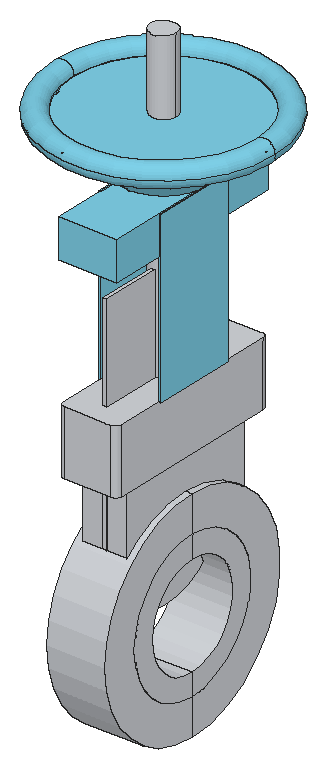
Revit family "6701", category Pipe Accessories, Revit 2018
Family settings
  Round Connector Dimension = Use Diameter
  Part Type = Valve - Breaks Into
  Work Plane-Based = No
  Always vertical = Yes
  Cut with Voids When Loaded = No
  Shared = No
Parameters (values of type "6701 Knife Gate Valve")
  pipe radius [instance] = Pipe Diameter / 2  # 1.750"
  pad fillet [instance] = 0.205"  # constant formula
  fillet1 [instance] = 0.074"  # constant formula
  center of handle [instance] = H8 - HND1  # 15.170"
  Weight [instance] = size_lookup(LookupTable, "Weight", "NA", Nominal Diameter)  # "20 lbs."
  WH1 [instance] = size_lookup(LookupTable, "WH1", 0.000", Nominal Diameter)  # 10.50075"
  WD1 [instance] = size_lookup(LookupTable, "WD1", 0.000", Nominal Diameter)  # 6.500"
  W5 [instance] = size_lookup(LookupTable, "W5", 0.000", Nominal Diameter)  # 6.500"
  W4 [instance] = size_lookup(LookupTable, "W4", 0.000", Nominal Diameter)  # 2.875"
  W3 [instance] = R2 * 2  # 5.000"
  URL = "http://www.fnw.com"
  Standards Lookup Table = "Standards"  # constant formula
  R2 [instance] = size_lookup(LookupTable, "R2", 0.000", Nominal Diameter)  # 2.500"
  R1 [instance] = size_lookup(LookupTable, "R1", 0.000", Nominal Diameter)  # 3.750"
  Product ID [instance] = size_lookup(LookupTable, "ProductID", "NA", Nominal Diameter)  # "0"
  Pipe Diameter [instance] = size_lookup(Standards Lookup Table, "pipe_dia", 0.000", Nominal Diameter)  # 3.500"
  Part Number [instance] = size_lookup(LookupTable, "PartNumber", "NA", Nominal Diameter)  # "FNW6701M"
  Nominal Diameter [instance] = 3"
  LookupTable = "6701 Knife Gate Valve"  # constant formula
  L1 [instance] = size_lookup(LookupTable, "L1", 0.000", Nominal Diameter)  # 2.000"
  HND1 [instance] = if(Nominal Diameter < 4.000", 0.380", 0.500")  # 0.380"
  H9 [instance] = size_lookup(LookupTable, "H9", 0.000", Nominal Diameter)  # 17.720"
  H8 [instance] = size_lookup(LookupTable, "H8", 0.000", Nominal Diameter)  # 15.550"
  H7 [instance] = size_lookup(LookupTable, "H7", 0.000", Nominal Diameter)  # 13.3625"
  H5 [instance] = size_lookup(LookupTable, "H5", 0.000", Nominal Diameter)  # 12.9875"
  H4 [instance] = size_lookup(LookupTable, "H4", 0.000", Nominal Diameter)  # 11.6675"
  H3 [instance] = size_lookup(LookupTable, "H3", 0.000", Nominal Diameter)  # 7.200"
  H2 [instance] = size_lookup(LookupTable, "H2", 0.000", Nominal Diameter)  # 5.000"
  Description BOM [instance] = size_lookup(LookupTable, "Description_BOM", "NA", Nominal Diameter)  # "3 6701 Knife Gate Valve"
  D9 [instance] = D8 - 0.125"  # 2.000"
  D8 [instance] = D1 + 0.125"  # 2.125"
  D7 [instance] = size_lookup(LookupTable, "D7", 0.000", Nominal Diameter)  # 7.115"
  D6 [instance] = size_lookup(LookupTable, "D6", 0.000", Nominal Diameter)  # 1.4375"
  D4 [instance] = size_lookup(LookupTable, "D4", 0.000", Nominal Diameter)  # 0.875"
  D3 [instance] = size_lookup(LookupTable, "D3", 0.000", Nominal Diameter)  # 1.500"
  D1 [instance] = size_lookup(LookupTable, "D1", 0.000", Nominal Diameter)  # 2.000"
  Braceanlge [instance] = 60.00°  # constant formula
  BRC1 [instance] = 0.500"  # constant formula
  Angle [instance] = 120.00°  # constant formula
Reference planes (in)
  plane 1 "Center (Front/Back)": y = 0
  plane 2: z = 0
  plane 3 "Center (Left/Right)": x = 0
  plane 4: y = 0.375
  plane 5: y = -0.375
  plane 6: z = 3.75
  plane 7: z = 1.75
  plane 8: x = -1
  plane 9: x = 1
  plane 10: z = 5
  plane 11: z = 7.2
  plane 12: z = 15.55
  plane 13: x = 3.5575
  plane 14: x = -3.5575
  plane 15: x = 0.71875
  plane 16: x = -0.71875
  plane 17: x = -0.75
  plane 18: x = 0.75
  plane 19: x = 0.87625
  plane 20: x = -0.87625
  plane 21: x = 1
  plane 22: x = -1
  plane 23: x = -0.625
  plane 24: x = 0.625
  plane 25: z = 17.72
  plane 26: x = -0.4375
  plane 27: x = 0.4375
  plane 28 "center of handle": z = 15.17
  plane 29: z = 2.5
  plane 30: y = -0.44
  plane 31: y = 0.44
  plane 32: y = -1.1875
  plane 33: y = 1.1875
  plane 34: y = -2.5
  plane 35: y = 2.5
  plane 36: y = 3.25
  plane 37: y = -3.25
  plane 38: z = 13.3625
  plane 39: y = 0.71875
  plane 40: y = -0.71875
  plane 41: x = -0.0625
  plane 42: x = 0.0625
  plane 43 "TOP SHAPE BASE": z = 11.6675
  plane 44: z = 12.9875
  plane 45: x = 1
  plane 46: x = -1
  plane 47: x = 1.0625
  plane 48: x = -1.0625
  plane 49: y = 1.4375
  plane 50: y = -1.4375
  plane 51: y = -3.25
  plane 52: y = 3.25
Forms (in)
  Revolve 1, solid
    sketch origin (0, 0, 0) x (-1, 0, 0) y (0, 0, 1)
      loop
        line (-1, 3.75) -> (-1, 2.5) -> (1, 2.5) -> (1, 3.75) -> (-1, 3.75)
      axis (1, 0) -> (-1, 0)
    angle from 0 to 360
  Revolve 2, solid
    sketch origin (0, 0, 0) x (1, 0, 0) y (0, 0, 1)
      loop
        line (-1, 2.5) -> (-1, 1.75) -> (1, 1.75) -> (1, 2.5) -> (-1, 2.5)
      axis (-1, 0) -> (1, 0)
    angle from 0 to 360
  Extrusion 3, solid
    sketch origin (0, 0, 0) x (1, 0, 0) y (0, 1, 0)
      loop
        arc (-0.795, 3.25) -> (-0.93996, 3.18996) -> (-1, 3.045) r 0.205
        line (-1, 3.045) -> (-1, -3.045)
        arc (-1, -3.045) -> (-0.93996, -3.18996) -> (-0.795, -3.25) r 0.205
        line (-0.795, -3.25) -> (0.795, -3.25)
        arc (0.795, -3.25) -> (0.93996, -3.18996) -> (1, -3.045) r 0.205
        line (1, -3.045) -> (1, 3.045)
        arc (1, 3.045) -> (0.93996, 3.18996) -> (0.795, 3.25) r 0.205
        line (0.795, 3.25) -> (-0.795, 3.25)
    from 5 to 7.2
  Sweep 4, solid, material "Lever Handle Blue lt"
    path in 3D
      loop
        arc (3.5575, 0, 15.17) -> (0, 3.5575, 15.17) -> (-3.5575, 0, 15.17) r 3.5575
        arc (-3.5575, 0, 15.17) -> (0, -3.5575, 15.17) -> (3.5575, 0, 15.17) r 3.5575
    profile origin (0, -3.5575, 15.17) x (0, 1, 0) y (0, 0, 1)
      loop
        circle (0.08977, 0) r 0.38
  Extrusion 5, solid
    sketch origin (0, 0, 15.17) x (-1, 0, 0) y (0, -1, 0)
      loop
        circle (0, 0) r 0.4375
    from -7.97 to 2.55
  Extrusion 6, solid
    sketch origin (0, 0, 0) x (0, 1, 0) y (0, 0, 1)
      loop
        line (2.5, 2.5) -> (2.5, 10.50075) -> (-2.5, 10.50075) -> (-2.5, 2.5)
        arc (-2.5, 2.5) -> (-1.76777, 0.73223) -> (0, 0) r 2.5
        arc (0, 0) -> (1.76777, 0.73223) -> (2.5, 2.5) r 2.5
    from -0.0625 to 0.0625
  Extrusion 7, solid
    sketch origin (0, 0, 0) x (0, 1, 0) y (0, 0, 1)
      loop
        line (-2.5, 5) -> (-2.5, 2.5) -> (2.5, 2.5) -> (2.5, 5) -> (-2.5, 5)
    from -0.75 to 0.75
  Extrusion 8, solid, material "Lever Handle Blue lt"
    sketch origin (0, 0, 11.6675) x (0, -1, 0) y (1, 0, 0)
      loop
        line (-3.25, -1) -> (3.25, -1) -> (3.25, 1) -> (-3.25, 1) -> (-3.25, -1)
    from 0 to 1.32
  Blend 9, solid, material "Lever Handle Blue lt"
    base sketch origin (0, 0, 11.6675) x (0, -1, 0) y (1, 0, 0)
      loop
        circle (0, 0) r 3.5575
    top sketch origin (0, 0, 11.6675) x (0, -1, 0) y (1, 0, 0)
      loop
        circle (0, 0) r 1.4375
    from 3.5025 to 1.695
  Extrusion 10, solid, material "Lever Handle Blue lt"
    sketch origin (0, 0, 0) x (0, 1, 0) y (0, 0, 1)
      loop
        line (1.4375, 12.9875) -> (-1.4375, 12.9875) -> (-1.4375, 7.2) -> (1.4375, 7.2) -> (1.4375, 12.9875)
    from 1 to 1.0625
  Extrusion 11, solid, material "Lever Handle Blue lt"
    sketch origin (0, 0, 0) x (0, 1, 0) y (0, 0, -1)
      loop
        line (1.4375, -12.9875) -> (1.4375, -7.2) -> (-1.4375, -7.2) -> (-1.4375, -12.9875) -> (1.4375, -12.9875)
    from 1 to 1.0625
Lines and regions (in)
  model lines
    curve 1: circle (0, 0, 15.17) r 3.5575 normal (0, 0, 1)
  sketch lines
    curve 2: circle (0, 0, 15.17) r 3.5575 normal (0, 0, 1)
Dimensions and locks (in)
  equal spacing: plane 9, plane 3 "Center (Left/Right)", plane 8
  "L1": plane 9 to plane 8
  "center of handle": plane 28 "center of handle" to plane 2
  "H8": plane 12 to plane 2
  "H3": plane 11 to plane 2
  "H2": plane 10 to plane 2
  "R1": plane 6 to plane 2
  "H9": plane 25 to plane 2
  equal spacing: plane 13, plane 3 "Center (Left/Right)", plane 14
  "D7": plane 13 to plane 14
  equal spacing: plane 15, plane 3 "Center (Left/Right)", plane 16
  "D6": plane 15 to plane 16
  equal spacing: plane 26, plane 3 "Center (Left/Right)", plane 27
  "D4": plane 26 to plane 27
  equal spacing: plane 17, plane 3 "Center (Left/Right)", plane 18
  "D3": plane 17 to plane 18
  equal spacing: plane 21, plane 3 "Center (Left/Right)", plane 22
  "D1": plane 21 to plane 22
  "pipe radius": plane 7 to plane 2
  "R2": plane 29 to plane 2
  equal spacing: plane 30, plane 1 "Center (Front/Back)", plane 31
  plane 30 to plane 31 = 0.880"
  equal spacing: plane 32, plane 1 "Center (Front/Back)", plane 33
  equal spacing: plane 34, plane 1 "Center (Front/Back)", plane 35
  "W3": plane 34 to plane 35
  equal spacing: plane 36, plane 1 "Center (Front/Back)", plane 37
  "H7": plane 38 to plane 2
  "WD1": plane 36 to plane 37
  equal spacing: plane 39, plane 1 "Center (Front/Back)", plane 40
  plane 39 to plane 40 = 1.4375"
  "WH1": Extrusion 6 sketch curve to level
  equal spacing: plane 42, plane 3 "Center (Left/Right)", plane 41
  plane 42 to plane 41 = 0.125"
  "H4": plane 43 "TOP SHAPE BASE" to plane 2
  "H5": plane 44 to plane 2
  equal spacing: plane 46, plane 3 "Center (Left/Right)", plane 45
  "D9": plane 46 to plane 45
  equal spacing: plane 48, plane 3 "Center (Left/Right)", plane 47
  "D8": plane 48 to plane 47
  equal spacing: plane 49, plane 1 "Center (Front/Back)", plane 50
  "W4": plane 49 to plane 50
  equal spacing: plane 51, plane 1 "Center (Front/Back)", plane 52
  "W5": plane 51 to plane 52
  "pad fillet": radius of Extrusion 3 sketch curve  (x4)
  "D7": diameter of curve 1
  "HND1": radius of Sweep 4 sketch curve
  "D4": diameter of Extrusion 5 sketch curve
  "R2": radius of Extrusion 6 sketch curve  (x2)
  "D7": diameter of Blend 9 sketch curve
  radius of Blend 9 sketch curve = 1.4375"
  aligned and locked: plane 2 to level
  aligned and locked: Revolve 1 sketch curve to plane 6
  aligned and locked: Revolve 2 sketch curve to plane 2
  aligned and locked: plane 29 to Revolve 2 sketch curve
  aligned and locked: Revolve 2 sketch curve to plane 7
  aligned and locked: Extrusion 3 to plane 10
  aligned and locked: plane 11 to Extrusion 3
  aligned and locked: plane 21 to Extrusion 3
  aligned and locked: Extrusion 3 to plane 22
  aligned and locked: Revolve 1 sketch curve to plane 8
  aligned and locked: plane 9 to Revolve 1 sketch curve
  aligned and locked: plane 8 to Revolve 2 sketch curve
  aligned and locked: Revolve 2 sketch curve to plane 9
  aligned and locked: Extrusion 5 to plane 11
  aligned and locked: plane 29 to Revolve 1 sketch curve
  aligned and locked: Extrusion 6 to plane 41
  aligned and locked: Extrusion 6 to plane 42
  aligned and locked: plane 35 to Extrusion 6 sketch curve
  aligned and locked: Extrusion 6 sketch curve to plane 34
  aligned and locked: plane 34 to Extrusion 7 sketch curve
  aligned and locked: Extrusion 7 sketch curve to plane 35
  aligned and locked: Extrusion 7 sketch curve to plane 29
  aligned and locked: Extrusion 7 sketch curve to plane 10
  aligned and locked: Extrusion 7 to plane 17
  aligned and locked: plane 18 to Extrusion 7
  aligned and locked: Extrusion 8 to plane 46
  aligned and locked: plane 45 to Extrusion 8
  aligned and locked: plane 25 to Extrusion 5
  aligned and locked: Blend 9 to plane 28 "center of handle"
  aligned and locked: plane 52 to Extrusion 8
  aligned and locked: Extrusion 8 to plane 51
  aligned and locked: Extrusion 10 sketch curve to plane 44
  aligned and locked: plane 49 to Extrusion 10 sketch curve
  aligned and locked: Extrusion 10 sketch curve to plane 50
  aligned and locked: plane 44 to Extrusion 11 sketch curve
  aligned and locked: Blend 9 to plane 38
  aligned and locked: Extrusion 10 to plane 11
  aligned and locked: Extrusion 11 to plane 11
  aligned and locked: Extrusion 10 to Extrusion 3
  aligned and locked: plane 47 to Extrusion 10
  aligned and locked: Extrusion 11 to Extrusion 3
  aligned and locked: Extrusion 11 to plane 48
  aligned and locked: Extrusion 8 to plane 44
Automatic sketch dimensions
  Revolve 1 sketch curve to level = 0.000"
  Revolve 1 sketch curve to plane 13 = 0.06481"
  plane 13 to Revolve 1 sketch curve = 0.99634"
  Revolve 2 sketch curve to plane 26 = 0.01059"
  Revolve 2 sketch curve to plane 13 = 0.50503"
  Extrusion 8 sketch curve to plane 19 = 0.12375"
  plane 52 to Extrusion 8 sketch curve = 0.000"
  Extrusion 8 sketch curve to plane 20 = 0.12375"
  Extrusion 8 sketch curve to plane 51 = 0.000"
  Extrusion 11 sketch curve to plane 50 = 0.000"
  Extrusion 11 sketch curve to plane 49 = 0.000"
  plane 1 "Center (Front/Back)" to Blend 9 sketch curve = 0.000"  (x2)
  Blend 9 sketch curve to plane 3 "Center (Left/Right)" = 0.000"  (x2)
  plane 10 to Extrusion 10 sketch curve = 2.200"
  Extrusion 11 sketch curve to plane 11 = 0.000"
  Extrusion 3 sketch curve to plane 8 = 0.000"
  Extrusion 3 sketch curve to plane 36 = 0.000"
  plane 37 to Extrusion 3 sketch curve = 0.000"
  Extrusion 3 sketch curve to plane 9 = 0.000"
  plane 1 "Center (Front/Back)" to curve 1 = 0.000"
  curve 1 to plane 3 "Center (Left/Right)" = 0.000"
  Sweep 4 sketch curve to profile plane = 0.000"
  Sweep 4 sketch curve to profile plane = 0.08977"
  plane 1 "Center (Front/Back)" to Extrusion 5 sketch curve = 0.000"
  Extrusion 5 sketch curve to plane 3 "Center (Left/Right)" = 0.000"
  Extrusion 6 sketch curve to Extrusion 6 sketch curve = 0.000"
  Extrusion 6 sketch curve to level = 0.000"
Connectors (in)
  piping at (-1, 0, 0), diameter 3, driven by "Nominal Diameter"
    settings: on Revolve 1, index 1, connector inside diameter 24", connector length 0.000", flow factor 0, pipe flow 0 GPM, pressure drop 0.00 psi, fitting loss kfactor 0, connector angle 0.00°, fixture units 0, engagement length 0.000", angle of deflection 0.00°, flow configuration 0, flow direction 0, fitting loss method 0, system type 29, joint type 0, gender type 0, connector reference index -1, connector utility 0, adjustable connector no, is connector primary yes, connector description ""
  piping at (1, 0, 0), diameter 3, driven by "Nominal Diameter"
    settings: on Revolve 1, index 2, connector inside diameter 24", connector length 0.000", flow factor 0, pipe flow 0 GPM, pressure drop 0.00 psi, fitting loss kfactor 0, connector angle 0.00°, fixture units 0, engagement length 0.000", angle of deflection 0.00°, flow configuration 0, flow direction 0, fitting loss method 0, system type 29, joint type 0, gender type 0, connector reference index -1, connector utility 0, adjustable connector no, is connector primary no, connector description ""
